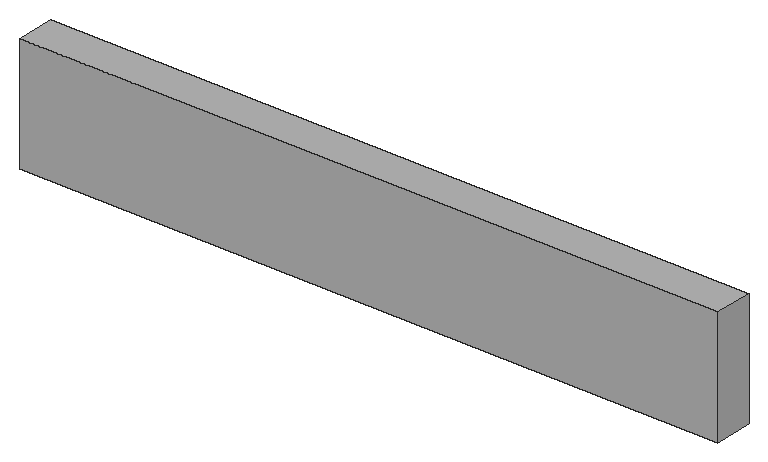
Revit family "K206 6x2 Flat Top Square Kerb", category Generic Models, Revit 2020
Family settings
  Can host rebar = No
  Round Connector Dimension = Use Diameter
  Part Type = Normal
  Work Plane-Based = No
  Always vertical = Yes
  Cut with Voids When Loaded = No
  Shared = No
  Room Calculation Point = No
Parameters
  Weight = "17Kg."
  Warranty Guarantor Parts = "n/a"
  Warranty Guarantor Labour = "n/a"
  Warranty Duration Unit = "n/a"
  Warranty Duration Parts = "n/a"
  Warranty Duration Labour = "n/a"
  Warranty Description = "n/a"
  Unit Width [instance] = 50 mm
  Unit Length [instance] = 914 mm
  Unit Height [instance] = 153 mm
  URL = "www.killeshal.com"
  Types = "Single"
  Type Comments = "Visit our website for a full list of available products."
  Sustainability Performance = "n/a"
  Structural Class = "n/a"
  Span = "Length."
  Slope = "0.00°"
  Size = "50 Wide x 153 High x 914mm Long."
  Shape = "As per drawing"
  Service Life = "0.000000"
  Serial Number = "n/a"
  Resistance to Fire = "n/a"
  Replacement Cost = "n/a"
  Reference = "n/a"
  Notified Body = "n/a"
  Nominal Cover to Main Bar = "n/a"
  Model = "K/206 Kerb."
  Mechanical Resistance = "n/a"
  Manufacturer = "Killeshal Precast Concrete Ltd."
  Load Bearing = no
  Life Cycle Environmental Load = "n/a"
  Length Options = "914mm."
  Keynote = "The information contained is the sole property of KPC Ltd., any reproduction in part or whole without permission of KPC Ltd. is prohibited."
  Environmental Product Declaration = "n/a"
  Environmental Class = "n/a"
  Durability against Corrosion = "n/a"
  Dimension Accuracy Class = "I.S. EN 1340:2003"
  Detailing = "As per design specification and product drawings."
  Description = "6\" x 2\" Flat Top Square Kerb."
  Default Elevation = 0 mm
  Dangerous Substances = "n/a"
  Contact Tel = "0035357 9353018"
  Contact Email = "sales@killeshal.com"
  Construction Type = "Precast"
  Construction Tolerance Class = "I.S. EN 1340:2003"
  Compressive Strength of Concrete = "n/a"
  Characteristics of Reinforcing Steel = "n/a"
  Characteristics Deflection Under Load = "n/a"
Reference planes
  plane 1 "Center (Front/Back)": y = 0
  plane 2: z = 0
  plane 3 "Center (Left/Right)": x = 0
  plane 4 "Rear": y = 25
  plane 5 "Front": y = -25
  plane 6 "Center L/W": z = 153
Forms (mm)
  Extrusion 1, solid, material "Precast Concrete (KPC)"
    sketch origin (0, 0, 0) x (0, 1, 0) y (0, 0, 1)
      loop
        line (25, 0) -> (25, 153) -> (-25, 153) -> (-25, 0) -> (25, 0)
    from 0 to 914
Dimensions and locks
  "Unit Length": Extrusion 1 to Extrusion 1
  "Unit Width": Extrusion 1 to Extrusion 1
  "Unit Height": Extrusion 1 to Extrusion 1
  aligned and locked: level to plane 2
Automatic sketch dimensions
  Extrusion 1 sketch curve to level = 0 mm
  Extrusion 1 sketch curve to plane 5 "Front" = 0 mm
  Extrusion 1 sketch curve to plane 4 "Rear" = 0 mm
  Extrusion 1 sketch curve to plane 6 "Center L/W" = 0 mm
